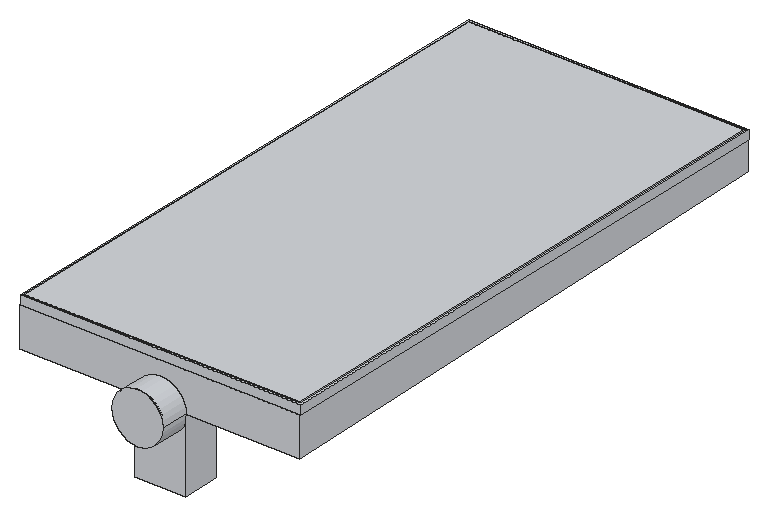
Revit family "Normentwässerungswanne Abgang seitlich", category Sanitärinstallationen, Revit 2020
Family settings
  Bemaßung runder Anschluss = Durchmesser verwenden
  Teiletyp = Normal
  Arbeitsebenenbasiert = Nein
  Immer vertikal = Ja
  Beim Laden mit Abzugskörper schneiden = Nein
  Gemeinsam genutzt = Nein
  Raumberechnungspunkt = Nein
Parameters (values of type "RS756.1200.600W")
  Vorgabe-Ansicht = 0 mm
  URL = "https://www.resitec.ch/"
  RS_yrohr [instance] = 80 mm  # constant formula
  RS_xrohr [instance] = B / 2  # 300 mm
  RS_s1 = 3 mm  # constant formula
  RS_habgang [instance] = RS_DN1d / 2  # 55 mm
  RS_hKR [instance] = H Kleberand  # 20 mm
  RS_dim001 = 5 mm  # constant formula
  RS_bKR [instance] = B Kleberand  # 50 mm
  RS_URL = ""
  RS_Manufacture = "Resitec"  # constant formula
  RS_Lrohr [instance] = L Rohr  # 60 mm
  RS_KRon [instance] = Kleberand  # no
  RS_Description [instance] = ""
  RS_DN1d [instance] = if(RS_DN < 61 mm, 63.5 mm, if(RS_DN < 71 mm, 74.5 mm, if(RS_DN < 81 mm, 88.9 mm, 110 mm)))  # 110 mm
  RS_DN [instance] = DN  # 100 mm
  RS_Articelnumber [instance] = ""
  Lüftungsverbindung = no
  L Rohr [instance] = 60 mm  # constant formula
  L [instance] = 1200 mm
  Kleberand [instance] = no
  KW-Verbindung = no
  HW-Verbindung = no
  H Kleberand [instance] = 20 mm  # constant formula
  H [instance] = if(RS_DN = 80 mm, 95 mm, 105 mm)  # 105 mm
  G [instance] = if(RS_DN = 80 mm, 142 mm, 158 mm)  # 158 mm
  F [instance] = if(RS_DN = 80 mm, 91 mm, 105 mm)  # 105 mm
  E [instance] = if(RS_DN = 80 mm, 75 mm, 80 mm)  # 80 mm
  DN [instance] = 100 mm
  Besandet [instance] = yes
  Baugruppenkennzeichen = "D2030300"
  B Kleberand [instance] = 50 mm  # constant formula
  B [instance] = 600 mm
  Abwasserrohrverbindung = yes
Types (4, lengths in mm): name | RS_xrohr | RS_habgang | RS_DN1d | RS_DN | L | H | G | F | E | DN | B
  (no name) | 300 | 55 | 110 | 100 | 1200 | 105 | 158 | 105 | 80 | 100 | 600
  RS756.606.406W | 203 | 44.45 | 88.9 | 80 | 606 | 95 | 142 | 91 | 75 | 80 | 406
  RS756.806.506W | 253 | 55 | 110 | 100 | 806 | 105 | 158 | 105 | 80 | 100 | 506
  RS756.1200.600W | 300 | 55 | 110 | 100 | 1200 | 105 | 158 | 105 | 80 | 100 | 600
Reference planes
  plane 1 "Mitte (Vorne/hinten)": y = 0
  plane 2: z = 0
  plane 3 "Mitte (Links/rechts)": x = 0
  plane 4 "back": y = 600
  plane 5 "abgangseitlich": y = -600
  plane 6: x = -300
  plane 7: x = 300
  plane 8 "Ground": z = -105
  plane 9: y = 650
  plane 10: x = 350
  plane 11: y = -650
  plane 12: x = -350
  plane 13 "Kleberand": z = -20
  plane 14 "enderohr": z = -105
  plane 15: x = 0
  plane 16: y = -520
  plane 17: z = -9.383
  plane 18: y = -660
  plane 19: z = -263
  plane 20: z = -80
Forms (mm)
  Extrusion 1, solid
    sketch origin (0, 0, 0) x (1, 0, 0) y (0, 1, 0)
      loop
        line (-300, 600) -> (-300, -600) -> (300, -600) -> (300, 600) -> (-300, 600)
      loop
        line (-297, 597) -> (-297, -597) -> (297, -597) -> (297, 597) -> (-297, 597)
    from -20 to 0
  Extrusion 2, solid, visible <- "Kleberand"
    sketch origin (0, 0, -20) x (-1, 0, 0) y (0, -1, 0)
      loop
        line (350, -650) -> (350, 650) -> (-350, 650) -> (-350, -650) -> (350, -650)
      loop
        line (300, -600) -> (300, 600) -> (-300, 600) -> (-300, -600) -> (300, -600)
    from 0 to 3 <- "RS_s1"
  Extrusion 3, solid
    sketch origin (0, 0, 0) x (1, 0, 0) y (0, 1, 0)
      loop
        line (-295, 595) -> (-295, -595) -> (295, -595) -> (295, 595) -> (-295, 595)
    from -9.383 to 0
  Extrusion 4, solid
    sketch origin (-152.819, -600, 0) x (-1, 0, 0) y (0, 0, 1)
      loop
        circle (-152.819, -105) r 55
    from 80 to -60
  Extrusion 5, solid
    sketch origin (0, 0, -105) x (-1, 0, 0) y (0, -1, 0)
      loop
        line (55, 600) -> (-55, 600) -> (-55, 520) -> (55, 520) -> (55, 600)
    from 0 to -158
  Blend 6, solid
    base sketch origin (0, -600, 0) x (-1, 0, 0) y (0, 0, 1)
      loop
        line (300, -20) -> (-300, -20) -> (-300, -80) -> (300, -80) -> (300, -20)
    top sketch origin (0, -600, 0) x (-1, 0, 0) y (0, 0, 1)
      loop
        line (300, -20) -> (-300, -20) -> (-300, -105) -> (300, -105) -> (300, -20)
    from 1200 to 0
Dimensions and locks
  equal spacing: plane 6, plane 3 "Mitte (Links/rechts)", plane 7
  equal spacing: plane 4 "back", plane 1 "Mitte (Vorne/hinten)", plane 5 "abgangseitlich"
  "B": plane 6 to plane 7
  "L": plane 4 "back" to plane 5 "abgangseitlich"
  "H": level to plane 8 "Ground"
  "RS_bKR": plane 9 to plane 4 "back"
  "RS_bKR": plane 7 to plane 10
  "RS_bKR": plane 5 "abgangseitlich" to plane 11
  "RS_bKR": plane 12 to plane 6
  "RS_yrohr": plane 16 to plane 5 "abgangseitlich"
  "RS_hKR": level to plane 13 "Kleberand"
  "RS_xrohr": plane 6 to plane 15
  "RS_dim001": plane 4 "back" to Extrusion 3 sketch curve
  "RS_dim001": Extrusion 3 sketch curve to plane 5 "abgangseitlich"
  "RS_dim001": Extrusion 3 sketch curve to plane 7
  "RS_dim001": plane 6 to Extrusion 3 sketch curve
  locked: level to plane 17 at 9.383
  "RS_Lrohr": plane 5 "abgangseitlich" to plane 18
  "F": level to plane 14 "enderohr"
  equal spacing: Extrusion 5 sketch curve, plane 15, Extrusion 5 sketch curve
  "RS_DN1d": Extrusion 5 sketch curve to Extrusion 5 sketch curve
  "G": plane 14 "enderohr" to plane 19
  "E": level to plane 20
  "RS_s1": plane 4 "back" to Extrusion 1 sketch curve
  "RS_s1": Extrusion 1 sketch curve to plane 7
  "RS_s1": Extrusion 1 sketch curve to plane 5 "abgangseitlich"
  "RS_s1": plane 6 to Extrusion 1 sketch curve
  "RS_DN1d": diameter of Extrusion 4 sketch curve
  aligned and locked: level to plane 2
  aligned and locked: Extrusion 1 sketch curve to plane 4 "back"
  aligned and locked: plane 5 "abgangseitlich" to Extrusion 1 sketch curve
  aligned and locked: Extrusion 1 sketch curve to plane 7
  aligned and locked: plane 6 to Extrusion 1 sketch curve
  aligned and locked: level to Extrusion 1
  aligned and locked: Extrusion 2 sketch curve to plane 9
  aligned and locked: plane 12 to Extrusion 2 sketch curve
  aligned and locked: Extrusion 2 sketch curve to plane 10
  aligned and locked: Extrusion 2 sketch curve to plane 11
  aligned and locked: level to Extrusion 3
  aligned and locked: Extrusion 3 to plane 17
  aligned and locked: plane 2 to Extrusion 3
  aligned and locked: Extrusion 4 to plane 18
  aligned and locked: Extrusion 4 to plane 16
  aligned and locked: Extrusion 5 sketch curve to plane 16
  aligned and locked: Extrusion 5 sketch curve to plane 5 "abgangseitlich"
  aligned and locked: Extrusion 5 to plane 19
  aligned and locked: Extrusion 1 to plane 13 "Kleberand"
  aligned and locked: Blend 6 sketch curve to Extrusion 1
  aligned and locked: Blend 6 sketch curve to plane 6
  aligned and locked: Blend 6 sketch curve to plane 20
  aligned and locked: plane 7 to Blend 6 sketch curve  (x2)
  aligned and locked: Blend 6 sketch curve to var sketch  (x2)
  aligned and locked: Blend 6 sketch curve to plane 8 "Ground"
  aligned and locked: plane 4 "back" to Blend 6
  aligned and locked: Blend 6 to plane 5 "abgangseitlich"
Automatic sketch dimensions
  Extrusion 4 sketch curve to plane 14 "enderohr" = 0 mm
  Extrusion 4 sketch curve to plane 15 = 0 mm
  Extrusion 2 sketch curve to plane 5 "abgangseitlich" = 0 mm
  Extrusion 2 sketch curve to plane 7 = 0 mm
  Extrusion 2 sketch curve to plane 4 "back" = 0 mm
  Extrusion 2 sketch curve to plane 6 = 0 mm
Connectors
  piping at (0, -660, -105), diameter 100, driven by "RS_DN"
    settings: on Extrusion 4, index 1, connector inside diameter 609.6 mm, connector length 0 mm, flow factor 0, pipe flow 0.0 L/s, pressure drop 0.0 Pa, fitting loss kfactor 0, connector angle 0.00°, fixture units 0, engagement length 0 mm, angle of deflection 0.00°, flow configuration 0, flow direction 2, fitting loss method 0, system type 16, joint type 0, gender type 0, connector reference index -1, connector utility 0, adjustable connector yes, is connector primary yes, connector description ""
